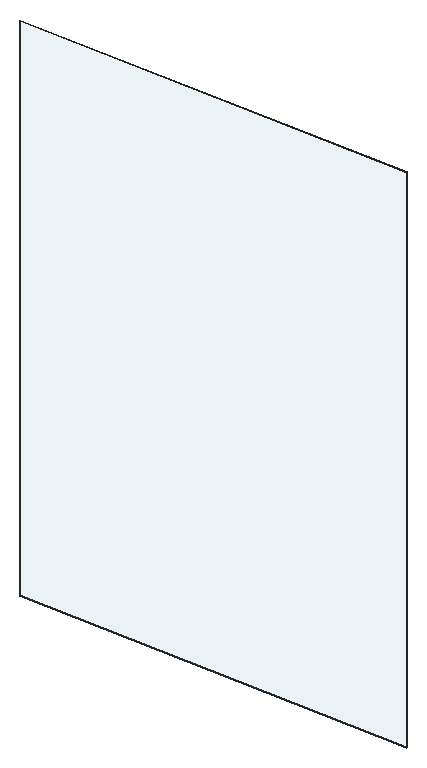
Revit family "ALSPEC McATHUR 150 OFFSET SGL GLZ", category Curtain Panels, Revit 2017
Family settings
  OmniClass Number = 23.25.20.14.11.11.17
  OmniClass Title = Infill Panels
  Always vertical = Yes
  Cut with Voids When Loaded = No
  Shared = No
Parameters
  YEAR = "2019"
  VERSION = "2.0"
  TODAYS DATE = "05.02.2019"
  SINGLE GLAZED THICKNESS = 30 mm
  OFFSET = 30 mm
  CREATOR = "Scott Isouard"  # constant formula
  COMPANY = "Archvis"  # constant formula
  B = if(OFFSET > 50 mm, 50 mm, OFFSET)  # 30 mm
  Assembly Code = ""
  ANZRC Compliant = yes
  A = if(SINGLE GLAZED THICKNESS > 10.4 mm, 10.4 mm, if(SINGLE GLAZED THICKNESS < 4 mm, 4 mm, SINGLE GLAZED THICKNESS))  # 10.4 mm
Reference planes
  plane 1 "Center (Front/Back)": y = 0
  plane 2: z = 0
  plane 3 "Center (Left/Right)": x = 0
  plane 4 "Left": x = -1500
  plane 5 "Right": x = 1500
  plane 6 "Top": z = 4000
  plane 7: z = -50
  plane 8: y = 35.2
  plane 9: y = 24.8
  plane 10: y = 30
Forms (mm)
  Extrusion 1, solid, material "Glass"
    sketch origin (0, 0, 0) x (1, 0, 0) y (0, 1, 0)
      loop
        line (-1500, 24.8) -> (1500, 24.8) -> (1500, 35.2) -> (-1500, 35.2) -> (-1500, 24.8)
    from 0 to 4000
Text (mm)
  text "Exterior" at (-2351.972, 1416.179, 0), in view "Ref. Level"
  text "Exterior" at (0, 2290.741, 4406.713), in view "Left"
  text "Exterior" at (0, 1328.187, 4120.349), in view "Right"
Dimensions and locks
  equal spacing: plane 4 "Left", plane 3 "Center (Left/Right)", plane 5 "Right"
  locked: plane 7 to plane 2 at 50
  equal spacing: plane 9, plane 10, plane 8
  "A": plane 9 to plane 8
  "B": plane 1 "Center (Front/Back)" to plane 10
  aligned and locked: Extrusion 1 to plane 6 "Top"
  aligned and locked: plane 4 "Left" to Extrusion 1 sketch curve
  aligned and locked: Extrusion 1 sketch curve to plane 5 "Right"
  aligned and locked: Extrusion 1 sketch curve to plane 8
  aligned and locked: plane 9 to Extrusion 1 sketch curve
